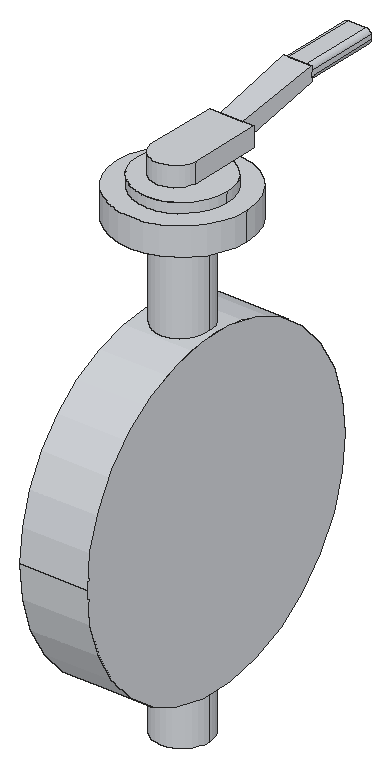
Revit family "HS497-67_disk-litina-s pákou DN250-RFA_2019", category Pipe Accessories, Revit 2019
Family settings
  Round Connector Dimension = Use Diameter
  Part Type = Valve - Breaks Into
  Work Plane-Based = No
  Always vertical = Yes
  Cut with Voids When Loaded = No
  Shared = No
Parameters (values of type "HS 497-67_DN250_PN16_s pákou")
  magiProductId = ""
  magiProductFamilyId = "53cea81e6f374d17b8841d9c72ad77"
  magiPartTypeId = 305
  isMeasuringValve [instance] = no
  ang2D [instance] = 0.00°
  X11 = 88.77 mm
  X1 = 36.77 mm
  W2D = 1000 mm
  VersionID = "2.0/2017.9.26.1/ZETKAMA_497_001"
  Use Minimum Symbol Size [instance] = yes
  URL = "http://www.hydronix.cz"
  Type Comments = "mezipřírubová; litinový disk; PN16; -10~+110°C (krátkodobě +120°C)"
  SW30 = no
  SW3 = no
  SW21 = no
  SW20 = yes
  SW2 = yes
  SW1 = no
  R = 125 mm
  QmdConnectorList = "301;D;302;D"
  Productdata [instance] = ""
  NC = 70 mm
  Model = ""
  Manufacturer = "Hydronix"  # constant formula
  MM20 = 36.77 mm
  MC Product Code = "120 250 (litinový disk, s pákou; DN250; PN16, kvs4555)"
  M41 = 91.5 mm
  M4 = 61 mm
  LHL = 220 mm
  LHH3 = 2.45 mm
  LHH1 = 46.55 mm
  LH1 = 73.333 mm
  L4R__ve = -L4R  # -22.2 mm
  L4R = 22.2 mm
  L42__ve = -L42  # -166.5 mm
  L42 = 166.5 mm
  L41__ve = -L41  # -33.3 mm
  L41 = 33.3 mm
  L2D_Min = 3048 mm
  L2D = 216 mm
  L2 = 34 mm
  L1 = 54.4 mm
  L = 68 mm
  H = 23 mm
  G22 = 11.25 mm
  G2 = 22.5 mm
  G1 = 90 mm
  G = 130 mm
  F = 22 mm
  E44 = 62.5 mm
  E42 = 125 mm
  E4 = 250 mm
  E23 = 4.9 mm
  E22 = 19.6 mm
  E21 = 9.8 mm
  Description = "Mezipřírubová uzavírací klapka s pákou; litinový disk, DN250; PN16; kvs4555"
  DR2 = 125 mm
  DR = 324 mm
  DD1 = 31.25 mm
  DD = 25 mm
  D = 250 mm
  CAT0 = yes
  B2__ve = -B2  # -85 mm
  B2 = 85 mm
  A2 = 28.25 mm
  A1 = 129.25 mm
Types (43, lengths in mm): name | magiProductId | X11 | X1 | Type Comments | SW30 | SW3 | SW20 | SW2 | SW1 | R | NC | MM20 | MC Product Code | M41 | M4 | LHL | LHH3 | LHH1 | LH1 | L4R__ve | L4R | L42__ve | L42 | L41__ve | L41 | L2 | L1 | L | H | G | F | E44 | E42 | E4 | E23 | E22 | E21 | Description | DR2 | DR | DD1 | DD | D | B2__ve | B2 | A2 | A1
  HS 497-67_DN100_PN16_volné vřeteno | "65d1b245f4f142c78569c0602d5754" | 61.456 | 25.456 | "mezipřírubová; litinový disk; PN16; -10~+110°C (krátkodobě +120°C)" | no | no | no | no | yes | 50 | 50 | 25.456 | "123 100 (litinový disk, s volným vřetenem; DN100; PN16, kvs512)" | 66 | 44 | 220 | 2.45 | 46.55 | 73.333 | -12.8 | 12.8 | -96 | 96 | -19.2 | 19.2 | 26 | 41.6 | 52 | 30 | 90 | 11 | 31.25 | 62.5 | 125 | 4.9 | 19.6 | 9.8 | "Mezipřírubová uzavírací klapka s volným vřetenem; litinový disk, DN100; PN16; kvs512" | 50 | 147 | 15.625 | 12.5 | 100 | -56 | 56 | 16.5 | 98.5
  HS 497-67_DN100_PN16_převodové kolo | "11e91b807e674d428c8e796fcdcfe2" | 61.456 | 25.456 | "mezipřírubová; litinový disk; PN16; -10~+110°C (krátkodobě +120°C)" | yes | yes | no | no | no | 50 | 50 | 25.456 | "125 100 (litinový disk, s převodovým kolem; DN100; PN16, kvs512)" | 65.25 | 43.5 | 220 | 2.45 | 46.55 | 73.333 | -12.8 | 12.8 | -96 | 96 | -19.2 | 19.2 | 26 | 41.6 | 52 | 30 | 90 | 11 | 31.25 | 62.5 | 125 | 4.9 | 19.6 | 9.8 | "Mezipřírubová uzavírací klapka s převodovým kolem; litinový disk, DN100; PN16; kvs512" | 50 | 147 | 15.625 | 12.5 | 100 | -56 | 56 | 16.5 | 98.5
  HS 497-67_DN100_PN16_s pákou | "28172f0b3f4b47b28323ac71cf8749" | 61.456 | 25.456 | "mezipřírubová; litinový disk; PN16; -10~+110°C (krátkodobě +120°C)" | no | no | yes | yes | no | 50 | 50 | 25.456 | "120 100 (litinový disk, s pákou; DN100; PN16, kvs512)" | 66 | 44 | 260 | 3 | 57 | 86.667 | -12.8 | 12.8 | -96 | 96 | -19.2 | 19.2 | 26 | 41.6 | 52 | 30 | 90 | 11 | 31.25 | 62.5 | 125 | 6 | 24 | 12 | "Mezipřírubová uzavírací klapka s pákou; litinový disk, DN100; PN16; kvs512" | 50 | 147 | 15.625 | 12.5 | 100 | -56 | 56 | 16.5 | 98.5
  HS 497-67_DN125_PN16_volné vřeteno | "0d813d910fc14f628bb3c2efbd185c" | 61.456 | 25.456 | "mezipřírubová; litinový disk; PN16; -10~+110°C (krátkodobě +120°C)" | no | no | no | no | yes | 62.5 | 50 | 25.456 | "123 125 (litinový disk, s volným vřetenem; DN125; PN16, kvs872)" | 66 | 44 | 220 | 2.45 | 46.55 | 73.333 | -12.8 | 12.8 | -96 | 96 | -19.2 | 19.2 | 28 | 44.8 | 56 | 33 | 90 | 14 | 31.25 | 62.5 | 125 | 4.9 | 19.6 | 9.8 | "Mezipřírubová uzavírací klapka s volným vřetenem; litinový disk, DN125; PN16; kvs872" | 62.5 | 180 | 15.625 | 12.5 | 125 | -64 | 64 | 18 | 99.5
  HS 497-67_DN125_PN16_převodové kolo | "c56b7c13f372467684996fb1e0e229" | 61.456 | 25.456 | "mezipřírubová; litinový disk; PN16; -10~+110°C (krátkodobě +120°C)" | yes | yes | no | no | no | 62.5 | 50 | 25.456 | "125 125 (litinový disk, s převodovým kolem; DN125; PN16, kvs872)" | 65.25 | 43.5 | 220 | 2.45 | 46.55 | 73.333 | -13.5 | 13.5 | -101.25 | 101.25 | -20.25 | 20.25 | 28 | 44.8 | 56 | 33 | 90 | 14 | 40 | 80 | 160 | 4.9 | 19.6 | 9.8 | "Mezipřírubová uzavírací klapka s převodovým kolem; litinový disk, DN125; PN16; kvs872" | 62.5 | 180 | 20 | 16 | 125 | -64 | 64 | 18 | 99.5
  HS 497-67_DN125_PN16_s pákou | "105993c79a91492399feef7931321a" | 61.456 | 25.456 | "mezipřírubová; litinový disk; PN16; -10~+110°C (krátkodobě +120°C)" | no | no | yes | yes | no | 62.5 | 50 | 25.456 | "120 125 (litinový disk, s pákou; DN125; PN16, kvs872)" | 66 | 44 | 315 | 3.75 | 71.25 | 105 | -12.8 | 12.8 | -96 | 96 | -19.2 | 19.2 | 28 | 44.8 | 56 | 33 | 90 | 14 | 31.25 | 62.5 | 125 | 7.5 | 30 | 15 | "Mezipřírubová uzavírací klapka s pákou; litinový disk, DN125; PN16; kvs872" | 62.5 | 180 | 15.625 | 12.5 | 125 | -64 | 64 | 18 | 99.5
  HS 497-67_DN150_PN16_volné vřeteno | "50c80cb8ab434f55ab7796e5ac1331" | 61.456 | 25.456 | "mezipřírubová; litinový disk; PN16; -10~+110°C (krátkodobě +120°C)" | no | no | no | no | yes | 75 | 50 | 25.456 | "123 150 (litinový disk, s volným vřetenem; DN150; PN16, kvs1347)" | 66 | 44 | 220 | 2.45 | 46.55 | 73.333 | -12.8 | 12.8 | -96 | 96 | -19.2 | 19.2 | 28 | 44.8 | 56 | 33 | 90 | 14 | 31.25 | 62.5 | 125 | 4.9 | 19.6 | 9.8 | "Mezipřírubová uzavírací klapka s volným vřetenem; litinový disk, DN150; PN16; kvs1347" | 75 | 206 | 15.625 | 12.5 | 150 | -58 | 58 | 19.3 | 98.7
  HS 497-67_DN150_PN16_převodové kolo | "d94a1a0cf83b476eb10011b327f709" | 61.456 | 25.456 | "mezipřírubová; litinový disk; PN16; -10~+110°C (krátkodobě +120°C)" | yes | yes | no | no | no | 75 | 50 | 25.456 | "125 150 (litinový disk, s převodovým kolem; DN150; PN16, kvs1347)" | 65.25 | 43.5 | 220 | 2.45 | 46.55 | 73.333 | -13.5 | 13.5 | -101.25 | 101.25 | -20.25 | 20.25 | 28 | 44.8 | 56 | 33 | 90 | 14 | 40 | 80 | 160 | 4.9 | 19.6 | 9.8 | "Mezipřírubová uzavírací klapka s převodovým kolem; litinový disk, DN150; PN16; kvs1347" | 75 | 206 | 20 | 16 | 150 | -58 | 58 | 19.3 | 98.7
  HS 497-67_DN150_PN16_s pákou | "4d2835523fe84828bc50ff0a5a0dfb" | 61.456 | 25.456 | "mezipřírubová; litinový disk; PN16; -10~+110°C (krátkodobě +120°C)" | no | no | yes | yes | no | 75 | 50 | 25.456 | "120 150 (litinový disk, s pákou; DN150; PN16, kvs1347)" | 66 | 44 | 315 | 3.75 | 71.25 | 105 | -12.8 | 12.8 | -96 | 96 | -19.2 | 19.2 | 28 | 44.8 | 56 | 33 | 90 | 14 | 31.25 | 62.5 | 125 | 7.5 | 30 | 15 | "Mezipřírubová uzavírací klapka s pákou; litinový disk, DN150; PN16; kvs1347" | 75 | 206 | 15.625 | 12.5 | 150 | -58 | 58 | 19.3 | 98.7
  HS 497-67_DN200_PN16_volné vřeteno | "5b29029eaeba47139ee1055a4b9201" | 61.456 | 25.456 | "mezipřírubová; litinový disk; PN16; -10~+110°C (krátkodobě +120°C)" | no | no | no | no | yes | 100 | 50 | 25.456 | "123 200 (litinový disk, s volným vřetenem; DN200; PN16, kvs2675)" | 66 | 44 | 220 | 2.45 | 46.55 | 73.333 | -12.8 | 12.8 | -96 | 96 | -19.2 | 19.2 | 30 | 48 | 60 | 33 | 90 | 17 | 31.25 | 62.5 | 125 | 4.9 | 19.6 | 9.8 | "Mezipřírubová uzavírací klapka s volným vřetenem; litinový disk, DN200; PN16; kvs2675" | 100 | 257 | 15.625 | 12.5 | 200 | -70 | 70 | 22.5 | 102.5
  HS 497-67_DN200_PN16_převodové kolo | "b2793cc1fcc44cf2a35062cd67c04f" | 61.456 | 25.456 | "mezipřírubová; litinový disk; PN16; -10~+110°C (krátkodobě +120°C)" | yes | yes | no | no | no | 100 | 57 | 25.456 | "125 200 (litinový disk, s převodovým kolem; DN200; PN16, kvs2675)" | 78.75 | 52.5 | 220 | 2.45 | 46.55 | 73.333 | -15.2 | 15.2 | -114 | 114 | -22.8 | 22.8 | 30 | 48 | 60 | 33 | 90 | 17 | 50 | 100 | 200 | 4.9 | 19.6 | 9.8 | "Mezipřírubová uzavírací klapka s převodovým kolem; litinový disk, DN200; PN16; kvs2675" | 100 | 257 | 25 | 20 | 200 | -70 | 70 | 22.5 | 102.5
  HS 497-67_DN200_PN16_s pákou | "f88d96c7af224537a51e72d7d8fffe" | 61.456 | 25.456 | "mezipřírubová; litinový disk; PN16; -10~+110°C (krátkodobě +120°C)" | no | no | yes | yes | no | 100 | 50 | 25.456 | "120 200 (litinový disk, s pákou; DN200; PN16, kvs2675)" | 66 | 44 | 315 | 3.75 | 71.25 | 105 | -12.8 | 12.8 | -96 | 96 | -19.2 | 19.2 | 30 | 48 | 60 | 33 | 90 | 17 | 31.25 | 62.5 | 125 | 7.5 | 30 | 15 | "Mezipřírubová uzavírací klapka s pákou; litinový disk, DN200; PN16; kvs2675" | 100 | 257 | 15.625 | 12.5 | 200 | -70 | 70 | 22.5 | 102.5
  HS 497-67_DN250_PN16_volné vřeteno | "b662e8305ca2402b9c510e66e6aa55" | 88.77 | 36.77 | "mezipřírubová; litinový disk; PN16; -10~+110°C (krátkodobě +120°C)" | no | no | no | no | yes | 125 | 50 | 36.77 | "123 250 (litinový disk, s volným vřetenem; DN250; PN16, kvs4555)" | 66 | 44 | 220 | 2.45 | 46.55 | 73.333 | -12.8 | 12.8 | -96 | 96 | -19.2 | 19.2 | 34 | 54.4 | 68 | 23 | 130 | 22 | 31.25 | 62.5 | 125 | 4.9 | 19.6 | 9.8 | "Mezipřírubová uzavírací klapka s volným vřetenem; litinový disk, DN250; PN16; kvs4555" | 125 | 324 | 15.625 | 12.5 | 250 | -85 | 85 | 28.25 | 129.25
  HS 497-67_DN250_PN16_převodové kolo | "5ee9016806664ddfaa2632711f295c" | 88.77 | 36.77 | "mezipřírubová; litinový disk; PN16; -10~+110°C (krátkodobě +120°C)" | yes | yes | no | no | no | 125 | 70 | 36.77 | "125 250 (litinový disk, s převodovým kolem; DN250; PN16, kvs4555)" | 91.5 | 61 | 220 | 2.45 | 46.55 | 73.333 | -22.2 | 22.2 | -166.5 | 166.5 | -33.3 | 33.3 | 34 | 54.4 | 68 | 23 | 130 | 22 | 62.5 | 125 | 250 | 4.9 | 19.6 | 9.8 | "Mezipřírubová uzavírací klapka s převodovým kolem; litinový disk, DN250; PN16; kvs4555" | 125 | 324 | 31.25 | 25 | 250 | -85 | 85 | 28.25 | 129.25
  HS 497-67_DN300_PN16_volné vřeteno | "e1886f51ff004380a649519258edf2" | 88.77 | 36.77 | "mezipřírubová; litinový disk; PN16; -10~+110°C (krátkodobě +120°C)" | no | no | no | no | yes | 150 | 50 | 36.77 | "123 300 (litinový disk, s volným vřetenem; DN300; PN16, kvs7037)" | 66 | 44 | 220 | 2.45 | 46.55 | 73.333 | -12.8 | 12.8 | -96 | 96 | -19.2 | 19.2 | 39 | 62.4 | 78 | 23 | 130 | 22 | 31.25 | 62.5 | 125 | 4.9 | 19.6 | 9.8 | "Mezipřírubová uzavírací klapka s volným vřetenem; litinový disk, DN300; PN16; kvs7037" | 150 | 376 | 15.625 | 12.5 | 300 | -90 | 90 | 30.8 | 127.2
  HS 497-67_DN300_PN16_převodové kolo | "6860f094f77d42088fbebc3c97f755" | 88.77 | 36.77 | "mezipřírubová; litinový disk; PN16; -10~+110°C (krátkodobě +120°C)" | yes | yes | no | no | no | 150 | 70 | 36.77 | "125 300 (litinový disk, s převodovým kolem; DN300; PN16, kvs7037)" | 91.5 | 61 | 220 | 2.45 | 46.55 | 73.333 | -22.2 | 22.2 | -166.5 | 166.5 | -33.3 | 33.3 | 39 | 62.4 | 78 | 23 | 130 | 22 | 62.5 | 125 | 250 | 4.9 | 19.6 | 9.8 | "Mezipřírubová uzavírací klapka s převodovým kolem; litinový disk, DN300; PN16; kvs7037" | 150 | 376 | 31.25 | 25 | 300 | -90 | 90 | 30.8 | 127.2
  HS 497-67_DN032_PN16_volné vřeteno | "8c5f65de52aa4067a77564107e31b2" | 61.456 | 25.456 | "mezipřírubová; litinový disk; PN16; -10~+110°C (krátkodobě +120°C)" | no | no | no | no | yes | 16 | 50 | 25.456 | "123 032 (litinový disk, s volným vřetenem; DN32; PN16, kvs78)" | 66 | 44 | 220 | 2.45 | 46.55 | 73.333 | -12.8 | 12.8 | -96 | 96 | -19.2 | 19.2 | 16.5 | 26.4 | 33 | 30 | 90 | 11 | 31.25 | 62.5 | 125 | 4.9 | 19.6 | 9.8 | "Mezipřírubová uzavírací klapka s volným vřetenem; litinový disk, DN32; PN16; kvs78" | 16 | 68 | 15.625 | 12.5 | 32 | -44.2 | 44.2 | 10.25 | 76.25
  HS 497-67_DN032_PN16_převodové kolo | "60aaeffa8b3a4e809ef000e4660060" | 61.456 | 25.456 | "mezipřírubová; litinový disk; PN16; -10~+110°C (krátkodobě +120°C)" | yes | yes | no | no | no | 16 | 50 | 25.456 | "125 032 (litinový disk, s převodovým kolem; DN32; PN16, kvs78)" | 65.25 | 43.5 | 220 | 2.45 | 46.55 | 73.333 | -12.8 | 12.8 | -96 | 96 | -19.2 | 19.2 | 16.5 | 26.4 | 33 | 30 | 90 | 11 | 31.25 | 62.5 | 125 | 4.9 | 19.6 | 9.8 | "Mezipřírubová uzavírací klapka s převodovým kolem; litinový disk, DN32; PN16; kvs78" | 16 | 68 | 15.625 | 12.5 | 32 | -44.2 | 44.2 | 10.25 | 76.25
  HS 497-67_DN032_PN16_s pákou | "9ad8088d610749a1b871aa2aad8007" | 61.456 | 25.456 | "mezipřírubová; litinový disk; PN16; -10~+110°C (krátkodobě +120°C)" | no | no | yes | yes | no | 16 | 50 | 25.456 | "120 032 (litinový disk, s pákou; DN32; PN16, kvs78)" | 66 | 44 | 220 | 2.45 | 46.55 | 73.333 | -12.8 | 12.8 | -96 | 96 | -19.2 | 19.2 | 16.5 | 26.4 | 33 | 30 | 90 | 11 | 31.25 | 62.5 | 125 | 4.9 | 19.6 | 9.8 | "Mezipřírubová uzavírací klapka s pákou; litinový disk, DN32; PN16; kvs78" | 16 | 68 | 15.625 | 12.5 | 32 | -44.2 | 44.2 | 10.25 | 76.25
  HS 497-67_DN350_PN10_volné vřeteno | "72a1e05f22944421b7e9596a877137" | 109.255 | 45.255 | "mezipřírubová; litinový disk; PN10; -10~+110°C (krátkodobě +120°C)" | no | no | no | no | yes | 175 | 50 | 45.255 | "123 350 (litinový disk, s volným vřetenem; DN350; PN10, kvs10165)" | 66 | 44 | 220 | 2.45 | 46.55 | 73.333 | -12.8 | 12.8 | -96 | 96 | -19.2 | 19.2 | 39 | 62.4 | 78 | 31 | 160 | 22 | 31.25 | 62.5 | 125 | 4.9 | 19.6 | 9.8 | "Mezipřírubová uzavírací klapka s volným vřetenem; litinový disk, DN350; PN10; kvs10165" | 175 | 430 | 15.625 | 12.5 | 350 | -88 | 88 | 33.85 | 129.65
  HS 497-67_DN350_PN10_převodové kolo | "a5a01426cb28494ba3afca92f1dace" | 109.255 | 45.255 | "mezipřírubová; litinový disk; PN10; -10~+110°C (krátkodobě +120°C)" | yes | yes | no | no | no | 175 | 70 | 45.255 | "125 350 (litinový disk, s převodovým kolem; DN350; PN10, kvs10165)" | 91.5 | 61 | 220 | 2.45 | 46.55 | 73.333 | -22.2 | 22.2 | -166.5 | 166.5 | -33.3 | 33.3 | 39 | 62.4 | 78 | 31 | 160 | 22 | 62.5 | 125 | 250 | 4.9 | 19.6 | 9.8 | "Mezipřírubová uzavírací klapka s převodovým kolem; litinový disk, DN350; PN10; kvs10165" | 175 | 430 | 31.25 | 25 | 350 | -88 | 88 | 33.85 | 129.65
  HS 497-67_DN400_PN10_volné vřeteno | "c70ebeb927c04ab99b176e257ad0a7" | 109.255 | 45.255 | "mezipřírubová; litinový disk; PN10; -10~+110°C (krátkodobě +120°C)" | no | no | no | no | yes | 200 | 50 | 45.255 | "123 400 (litinový disk, s volným vřetenem; DN400; PN10, kvs13799)" | 66 | 44 | 220 | 2.45 | 46.55 | 73.333 | -12.8 | 12.8 | -96 | 96 | -19.2 | 19.2 | 51 | 81.6 | 102 | 31 | 160 | 27 | 31.25 | 62.5 | 125 | 4.9 | 19.6 | 9.8 | "Mezipřírubová uzavírací klapka s volným vřetenem; litinový disk, DN400; PN10; kvs13799" | 200 | 485 | 15.625 | 12.5 | 400 | -108 | 108 | 38 | 142
  HS 497-67_DN400_PN10_převodové kolo | "cc64a4384dcb41b780d81810f4f293" | 109.255 | 45.255 | "mezipřírubová; litinový disk; PN10; -10~+110°C (krátkodobě +120°C)" | yes | yes | no | no | no | 200 | 72.5 | 45.255 | "125 400 (litinový disk, s převodovým kolem; DN400; PN10, kvs13799)" | 103.5 | 69 | 220 | 2.45 | 46.55 | 73.333 | -27.8 | 27.8 | -208.5 | 208.5 | -41.7 | 41.7 | 51 | 81.6 | 102 | 31 | 160 | 27 | 75 | 150 | 300 | 4.9 | 19.6 | 9.8 | "Mezipřírubová uzavírací klapka s převodovým kolem; litinový disk, DN400; PN10; kvs13799" | 200 | 485 | 37.5 | 30 | 400 | -108 | 108 | 38 | 142
  HS 497-67_DN040_PN16_volné vřeteno | "35f92312390745e88df5b5c325d9ee" | 61.456 | 25.456 | "mezipřírubová; litinový disk; PN16; -10~+110°C (krátkodobě +120°C)" | no | no | no | no | yes | 20 | 50 | 25.456 | "123 040 (litinový disk, s volným vřetenem; DN40; PN16, kvs78)" | 66 | 44 | 220 | 2.45 | 46.55 | 73.333 | -12.8 | 12.8 | -96 | 96 | -19.2 | 19.2 | 16.5 | 26.4 | 33 | 30 | 90 | 11 | 31.25 | 62.5 | 125 | 4.9 | 19.6 | 9.8 | "Mezipřírubová uzavírací klapka s volným vřetenem; litinový disk, DN40; PN16; kvs78" | 20 | 76 | 15.625 | 12.5 | 40 | -36 | 36 | 11 | 79
  HS 497-67_DN040_PN16_převodové kolo | "d88e968eae3445bc9b7b4e6ff35127" | 61.456 | 25.456 | "mezipřírubová; litinový disk; PN16; -10~+110°C (krátkodobě +120°C)" | yes | yes | no | no | no | 20 | 50 | 25.456 | "125 040 (litinový disk, s převodovým kolem; DN40; PN16, kvs78)" | 65.25 | 43.5 | 220 | 2.45 | 46.55 | 73.333 | -12.8 | 12.8 | -96 | 96 | -19.2 | 19.2 | 16.5 | 26.4 | 33 | 30 | 90 | 11 | 31.25 | 62.5 | 125 | 4.9 | 19.6 | 9.8 | "Mezipřírubová uzavírací klapka s převodovým kolem; litinový disk, DN40; PN16; kvs78" | 20 | 76 | 15.625 | 12.5 | 40 | -36 | 36 | 11 | 79
  HS 497-67_DN040_PN16_s pákou | "c1b522ca65b4407a98818f232eaacb" | 61.456 | 25.456 | "mezipřírubová; litinový disk; PN16; -10~+110°C (krátkodobě +120°C)" | no | no | yes | yes | no | 20 | 50 | 25.456 | "120 040 (litinový disk, s pákou; DN40; PN16, kvs78)" | 66 | 44 | 220 | 2.45 | 46.55 | 73.333 | -12.8 | 12.8 | -96 | 96 | -19.2 | 19.2 | 16.5 | 26.4 | 33 | 30 | 90 | 11 | 31.25 | 62.5 | 125 | 4.9 | 19.6 | 9.8 | "Mezipřírubová uzavírací klapka s pákou; litinový disk, DN40; PN16; kvs78" | 20 | 76 | 15.625 | 12.5 | 40 | -36 | 36 | 11 | 79
  HS 497-67_DN450_PN10_volné vřeteno | "a8358bc282f14872b3194e530e590a" | 129.74 | 53.74 | "mezipřírubová; litinový disk; PN10; -10~+110°C (krátkodobě +120°C)" | no | no | no | no | yes | 225 | 50 | 53.74 | "123 450 (litinový disk, s volným vřetenem; DN450; PN10, kvs18514)" | 66 | 44 | 220 | 2.45 | 46.55 | 73.333 | -12.8 | 12.8 | -96 | 96 | -19.2 | 19.2 | 57 | 91.2 | 114 | 38 | 190 | 36 | 31.25 | 62.5 | 125 | 4.9 | 19.6 | 9.8 | "Mezipřírubová uzavírací klapka s volným vřetenem; litinový disk, DN450; PN10; kvs18514" | 225 | 536 | 15.625 | 12.5 | 450 | -115 | 115 | 38.05 | 117.45
  HS 497-67_DN450_PN10_převodové kolo | "cdf2d80f54a9414f9cbe50647c0ebd" | 129.74 | 53.74 | "mezipřírubová; litinový disk; PN10; -10~+110°C (krátkodobě +120°C)" | yes | yes | no | no | no | 225 | 91.5 | 53.74 | "125 450 (litinový disk, s převodovým kolem; DN450; PN10, kvs18514)" | 144.75 | 96.5 | 220 | 2.45 | 46.55 | 73.333 | -32.1 | 32.1 | -240.75 | 240.75 | -48.15 | 48.15 | 57 | 91.2 | 114 | 38 | 190 | 36 | 100 | 200 | 400 | 4.9 | 19.6 | 9.8 | "Mezipřírubová uzavírací klapka s převodovým kolem; litinový disk, DN450; PN10; kvs18514" | 225 | 536 | 50 | 40 | 450 | -115 | 115 | 38.05 | 117.45
  HS 497-67_DN500_PN10_volné vřeteno | "8c396e27bb2743f98f3c762b6517cd" | 143.397 | 59.397 | "mezipřírubová; litinový disk; PN10; -10~+110°C (krátkodobě +120°C)" | no | no | no | no | yes | 250 | 50 | 59.397 | "123 500 (litinový disk, s volným vřetenem; DN500; PN10, kvs23805)" | 66 | 44 | 220 | 2.45 | 46.55 | 73.333 | -12.8 | 12.8 | -96 | 96 | -19.2 | 19.2 | 63.5 | 101.6 | 127 | 38 | 210 | 36 | 31.25 | 62.5 | 125 | 4.9 | 19.6 | 9.8 | "Mezipřírubová uzavírací klapka s volným vřetenem; litinový disk, DN500; PN10; kvs23805" | 250 | 593 | 15.625 | 12.5 | 500 | -130 | 130 | 43.25 | 139.25
  HS 497-67_DN500_PN10_převodové kolo | "7647804f32e94cef828a7034a91a46" | 143.397 | 59.397 | "mezipřírubová; litinový disk; PN10; -10~+110°C (krátkodobě +120°C)" | yes | yes | no | no | no | 250 | 91.5 | 59.397 | "125 500 (litinový disk, s převodovým kolem; DN500; PN10, kvs23805)" | 144.75 | 96.5 | 220 | 2.45 | 46.55 | 73.333 | -32.1 | 32.1 | -240.75 | 240.75 | -48.15 | 48.15 | 63.5 | 101.6 | 127 | 38 | 210 | 36 | 100 | 200 | 400 | 4.9 | 19.6 | 9.8 | "Mezipřírubová uzavírací klapka s převodovým kolem; litinový disk, DN500; PN10; kvs23805" | 250 | 593 | 50 | 40 | 500 | -130 | 130 | 43.25 | 139.25
  HS 497-67_DN050_PN16_volné vřeteno | "d71f296ecd6d4adf8f6e5d9853b4e0" | 61.456 | 25.456 | "mezipřírubová; litinový disk; PN16; -10~+110°C (krátkodobě +120°C)" | no | no | no | no | yes | 25 | 50 | 25.456 | "123 050 (litinový disk, s volným vřetenem; DN50; PN16, kvs98)" | 66 | 44 | 220 | 2.45 | 46.55 | 73.333 | -12.8 | 12.8 | -96 | 96 | -19.2 | 19.2 | 21.5 | 34.4 | 43 | 30 | 90 | 11 | 31.25 | 62.5 | 125 | 4.9 | 19.6 | 9.8 | "Mezipřírubová uzavírací klapka s volným vřetenem; litinový disk, DN50; PN16; kvs98" | 25 | 100 | 15.625 | 12.5 | 50 | -36.5 | 36.5 | 12 | 83
  HS 497-67_DN050_PN16_převodové kolo | "2fb080deeaed49c58418b94c1da5a4" | 61.456 | 25.456 | "mezipřírubová; litinový disk; PN16; -10~+110°C (krátkodobě +120°C)" | yes | yes | no | no | no | 25 | 50 | 25.456 | "125 050 (litinový disk, s převodovým kolem; DN50; PN16, kvs98)" | 65.25 | 43.5 | 220 | 2.45 | 46.55 | 73.333 | -12.8 | 12.8 | -96 | 96 | -19.2 | 19.2 | 21.5 | 34.4 | 43 | 30 | 90 | 11 | 31.25 | 62.5 | 125 | 4.9 | 19.6 | 9.8 | "Mezipřírubová uzavírací klapka s převodovým kolem; litinový disk, DN50; PN16; kvs98" | 25 | 100 | 15.625 | 12.5 | 50 | -36.5 | 36.5 | 12 | 83
  HS 497-67_DN050_PN16_s pákou | "dabc632061f94877a994b9b4e68112" | 61.456 | 25.456 | "mezipřírubová; litinový disk; PN16; -10~+110°C (krátkodobě +120°C)" | no | no | yes | yes | no | 25 | 50 | 25.456 | "120 050 (litinový disk, s pákou; DN50; PN16, kvs98)" | 66 | 44 | 220 | 2.45 | 46.55 | 73.333 | -12.8 | 12.8 | -96 | 96 | -19.2 | 19.2 | 21.5 | 34.4 | 43 | 30 | 90 | 11 | 31.25 | 62.5 | 125 | 4.9 | 19.6 | 9.8 | "Mezipřírubová uzavírací klapka s pákou; litinový disk, DN50; PN16; kvs98" | 25 | 100 | 15.625 | 12.5 | 50 | -36.5 | 36.5 | 12 | 83
  HS 497-67_DN600_PN10_volné vřeteno | "99d5892c14664fce81a7c5903f7711" | 143.397 | 59.397 | "mezipřírubová; litinový disk; PN10; -10~+110°C (krátkodobě +120°C)" | no | no | no | no | yes | 300 | 50 | 59.397 | "123 600 (litinový disk, s volným vřetenem; DN600; PN10, kvs36778)" | 66 | 44 | 220 | 2.45 | 46.55 | 73.333 | -12.8 | 12.8 | -96 | 96 | -19.2 | 19.2 | 77 | 123.2 | 154 | 80 | 210 | 60 | 31.25 | 62.5 | 125 | 4.9 | 19.6 | 9.8 | "Mezipřírubová uzavírací klapka s volným vřetenem; litinový disk, DN600; PN10; kvs36788" | 300 | 690 | 15.625 | 12.5 | 600 | -140 | 140 | 49.4 | 144.6
  HS 497-67_DN600_PN10_převodové kolo | "b1e26faab48a4c499f6bb11e7e3002" | 143.397 | 59.397 | "mezipřírubová; litinový disk; PN10; -10~+110°C (krátkodobě +120°C)" | yes | yes | no | no | no | 300 | 140 | 59.397 | "125 600 (litinový disk, s převodovým kolem; DN600; PN10, kvs36778)" | 206.25 | 137.5 | 220 | 2.45 | 46.55 | 73.333 | -40.8 | 40.8 | -306 | 306 | -61.2 | 61.2 | 77 | 123.2 | 154 | 80 | 210 | 60 | 125 | 250 | 500 | 4.9 | 19.6 | 9.8 | "Mezipřírubová uzavírací klapka s převodovým kolem; litinový disk, DN600; PN10; kvs36788" | 300 | 690 | 62.5 | 50 | 600 | -140 | 140 | 49.4 | 144.6
  HS 497-67_DN065_PN16_volné vřeteno | "5e5e208646e34ec29f889baab5d08e" | 61.456 | 25.456 | "mezipřírubová; litinový disk; PN16; -10~+110°C (krátkodobě +120°C)" | no | no | no | no | yes | 32.5 | 50 | 25.456 | "123 065 (litinový disk, s volným vřetenem; DN65; PN16, kvs167)" | 66 | 44 | 220 | 2.45 | 46.55 | 73.333 | -12.8 | 12.8 | -96 | 96 | -19.2 | 19.2 | 23 | 36.8 | 46 | 30 | 90 | 11 | 31.25 | 62.5 | 125 | 4.9 | 19.6 | 9.8 | "Mezipřírubová uzavírací klapka s volným vřetenem; litinový disk, DN65; PN16; kv167" | 32.5 | 108 | 15.625 | 12.5 | 65 | -36.5 | 36.5 | 13.5 | 89
  HS 497-67_DN065_PN16_převodové kolo | "654d74c8d15540b0bfe523d988ccb3" | 61.456 | 25.456 | "mezipřírubová; litinový disk; PN16; -10~+110°C (krátkodobě +120°C)" | yes | yes | no | no | no | 32.5 | 50 | 25.456 | "125 065 (litinový disk, s převodovým kolem; DN65; PN16, kvs167)" | 65.25 | 43.5 | 220 | 2.45 | 46.55 | 73.333 | -12.8 | 12.8 | -96 | 96 | -19.2 | 19.2 | 23 | 36.8 | 46 | 30 | 90 | 11 | 31.25 | 62.5 | 125 | 4.9 | 19.6 | 9.8 | "Mezipřírubová uzavírací klapka s převodovým kolem; litinový disk, DN65; PN16; kvs167" | 32.5 | 108 | 15.625 | 12.5 | 65 | -36.5 | 36.5 | 13.5 | 89
  HS 497-67_DN065_PN16_s pákou | "ebeb4b59db0641caaf6d6635ab37b9" | 61.456 | 25.456 | "mezipřírubová; litinový disk; PN16; -10~+110°C (krátkodobě +120°C)" | no | no | yes | yes | no | 32.5 | 50 | 25.456 | "120 065 (litinový disk, s pákou; DN65; PN16, kvs167)" | 66 | 44 | 220 | 2.45 | 46.55 | 73.333 | -12.8 | 12.8 | -96 | 96 | -19.2 | 19.2 | 23 | 36.8 | 46 | 30 | 90 | 11 | 31.25 | 62.5 | 125 | 4.9 | 19.6 | 9.8 | "Mezipřírubová uzavírací klapka s pákou; litinový disk, DN65; PN16; kvs167" | 32.5 | 108 | 15.625 | 12.5 | 65 | -36.5 | 36.5 | 13.5 | 89
  HS 497-67_DN080_PN16_volné vřeteno | "9e85c75c18654e1185a9c48ed6b00e" | 61.456 | 25.456 | "mezipřírubová; litinový disk; PN16; -10~+110°C (krátkodobě +120°C)" | no | no | no | no | yes | 40 | 50 | 25.456 | "123 080 (litinový disk, s volným vřetenem; DN80; PN16, kvs258)" | 66 | 44 | 220 | 2.45 | 46.55 | 73.333 | -12.8 | 12.8 | -96 | 96 | -19.2 | 19.2 | 23 | 36.8 | 46 | 30 | 90 | 11 | 31.25 | 62.5 | 125 | 4.9 | 19.6 | 9.8 | "Mezipřírubová uzavírací klapka s volným vřetenem; litinový disk, DN80; PN16; kvs258" | 40 | 124 | 15.625 | 12.5 | 80 | -54 | 54 | 14.1 | 86.9
  HS 497-67_DN080_PN16_převodové kolo | "5b3c8238c3d041e68c75b199e7ea46" | 61.456 | 25.456 | "mezipřírubová; litinový disk; PN16; -10~+110°C (krátkodobě +120°C)" | yes | yes | no | no | no | 40 | 50 | 25.456 | "125 080 (litinový disk, s převodovým kolem; DN80; PN16, kvs258)" | 65.25 | 43.5 | 220 | 2.45 | 46.55 | 73.333 | -12.8 | 12.8 | -96 | 96 | -19.2 | 19.2 | 23 | 36.8 | 46 | 30 | 90 | 11 | 31.25 | 62.5 | 125 | 4.9 | 19.6 | 9.8 | "Mezipřírubová uzavírací klapka s převodovým kolem; litinový disk, DN80; PN16; kvs258" | 40 | 124 | 15.625 | 12.5 | 80 | -54 | 54 | 14.1 | 86.9
  HS 497-67_DN080_PN16_s pákou | "e414795fab0f4eccb99bc3572c5477" | 61.456 | 25.456 | "mezipřírubová; litinový disk; PN16; -10~+110°C (krátkodobě +120°C)" | no | no | yes | yes | no | 40 | 50 | 25.456 | "120 080 (litinový disk, s pákou; DN80; PN16, kvs258)" | 66 | 44 | 260 | 3 | 57 | 86.667 | -12.8 | 12.8 | -96 | 96 | -19.2 | 19.2 | 23 | 36.8 | 46 | 30 | 90 | 11 | 31.25 | 62.5 | 125 | 6 | 24 | 12 | "Mezipřírubová uzavírací klapka s pákou; litinový disk, DN80; PN16; kvs258" | 40 | 124 | 15.625 | 12.5 | 80 | -54 | 54 | 14.1 | 86.9
  HS 497-67_DN250_PN16_s pákou | "" | 88.77 | 36.77 | "mezipřírubová; litinový disk; PN16; -10~+110°C (krátkodobě +120°C)" | no | no | yes | yes | no | 125 | 70 | 36.77 | "120 250 (litinový disk, s pákou; DN250; PN16, kvs4555)" | 91.5 | 61 | 220 | 2.45 | 46.55 | 73.333 | -22.2 | 22.2 | -166.5 | 166.5 | -33.3 | 33.3 | 34 | 54.4 | 68 | 23 | 130 | 22 | 62.5 | 125 | 250 | 4.9 | 19.6 | 9.8 | "Mezipřírubová uzavírací klapka s pákou; litinový disk, DN250; PN16; kvs4555" | 125 | 324 | 31.25 | 25 | 250 | -85 | 85 | 28.25 | 129.25
  HS 497-67_DN300_PN16_s pákou | "" | 88.77 | 36.77 | "mezipřírubová; litinový disk; PN16; -10~+110°C (krátkodobě +120°C)" | no | no | yes | yes | no | 150 | 70 | 36.77 | "120 300 (litinový disk, s pákou; DN300; PN16, kvs7037)" | 91.5 | 61 | 220 | 2.45 | 46.55 | 73.333 | -22.2 | 22.2 | -166.5 | 166.5 | -33.3 | 33.3 | 39 | 62.4 | 78 | 23 | 130 | 22 | 62.5 | 125 | 250 | 4.9 | 19.6 | 9.8 | "Mezipřírubová uzavírací klapka s pákou; litinový disk, DN300; PN16; kvs7037" | 150 | 376 | 31.25 | 25 | 300 | -90 | 90 | 30.8 | 127.2
Reference planes
  plane 1 "Center (Front/Back)": y = 0
  plane 2 "XYPLANE": z = 0
  plane 3 "Center (Left/Right)": x = 0
  plane 4 "473": x = -36.77
  plane 5 "472": x = -91.5
  plane 6 "471": y = -36.77
  plane 7 "470": y = 36.77
  plane 8 "469": x = -61
  plane 9 "468": y = -199.8
  plane 10 "467": y = -166.5
  plane 11 "466": z = 345
  plane 12 "465": z = 329.05
  plane 13 "464": y = 145.417
  plane 14 "463": z = 319.25
  plane 15 "462": z = 302.1
  plane 16 "461": z = 311.9
  plane 17 "460": y = 72.083
  plane 18 "459": x = -11.25
  plane 19 "458": x = 11.25
  plane 20 "457": y = -6.25
  plane 21 "456": x = -17.5
  plane 22 "455": x = 17.5
  plane 23 "454": z = 316.8
  plane 24 "453": y = 62.083
  plane 25 "452": y = -11.25
  plane 26 "451": x = -22.5
  plane 27 "450": x = 22.5
  plane 28 "449": z = 297.2
  plane 29 "448": z = 292.3
  plane 30 "447": z = -125
  plane 31 "446": z = 282.5
  plane 32 "445": z = 254.25
  plane 33 "444": z = 125
  plane 34 "443": x = 34
  plane 35 "442": x = -34
  plane 36 "441": z = 0
  plane 37 "440": y = 0
  plane 38 "439": x = 0
  plane 39 "438": z = 331.5
  plane 40 "437": z = 316.8
  plane 41 "436": x = 13.7
  plane 42 "435": x = -13.7
  plane 43 "434": y = 220
Forms (mm)
  Extrusion 1, solid, visible <- "SW3"
    sketch origin (-750, 0, 282.5) x (1, 0, 0) y (0, 1, 0)
      loop
        line (658.5, 36.77) -> (658.5, -36.77) -> (713.23, -36.77)
        arc (713.23, -36.77) -> (802, 0) -> (713.23, 36.77) r 52
        line (713.23, 36.77) -> (658.5, 36.77)
    from 0 to 125 <- "E42"
  Extrusion 2, solid, visible <- "SW30"
    sketch origin (0, -750, 0) x (0, 1, 0) y (0, 0, 1)
      loop
        circle (750, 345) r 15.625
    from 0 to 70 <- "NC"
  Extrusion 3, solid, visible <- "SW30"
    sketch origin (750, -199.8, 0) x (-1, 0, 0) y (0, 0, 1)
      loop
        circle (811, 345) r 125
    from 0 to -22.2 <- "L4R__ve"
  Extrusion 4, solid, visible <- "SW3"
    sketch origin (750, -166.5, 0) x (-1, 0, 0) y (0, 0, 1)
      loop
        circle (811, 345) r 15.625
    from 0 to -33.3 <- "L41__ve"
  Extrusion 5, solid, visible <- "SW30"
    sketch origin (750, 0, 0) x (-1, 0, 0) y (0, 0, 1)
      loop
        circle (811, 345) r 12.5
    from 0 to -166.5 <- "L42__ve"
  Blend 6, solid, visible <- "SW21"
    base sketch origin (750, 72.083, 0) x (-1, 0, 0) y (0, 0, 1)
      loop
        line (761.25, 311.9) -> (738.75, 311.9) -> (738.75, 302.1) -> (761.25, 302.1) -> (761.25, 311.9)
    top sketch origin (750, 72.083, 0) x (-1, 0, 0) y (0, 0, 1)
      loop
        line (761.25, 329.05) -> (738.75, 329.05) -> (738.75, 319.25) -> (761.25, 319.25) -> (761.25, 329.05)
    from 0 to 73.333
  Blend 7, solid, visible <- "SW21"
    base sketch origin (750, 62.083, 0) x (-1, 0, 0) y (0, 0, 1)
      loop
        line (761.25, 316.8) -> (738.75, 316.8) -> (738.75, 297.2) -> (761.25, 297.2) -> (761.25, 316.8)
    top sketch origin (750, 62.083, 0) x (-1, 0, 0) y (0, 0, 1)
      loop
        line (761.25, 311.9) -> (738.75, 311.9) -> (738.75, 302.1) -> (761.25, 302.1) -> (761.25, 311.9)
    from 0 to 10
  Blend 8, solid, visible <- "SW21"
    base sketch origin (-750, 0, 297.2) x (1, 0, 0) y (0, 1, 0)
      loop
        line (772.5, 62.083) -> (727.5, 62.083) -> (727.5, -11.25)
        arc (727.5, -11.25) -> (750, -31.25) -> (772.5, -11.25) r 22.656
        line (772.5, -11.25) -> (772.5, 62.083)
    top sketch origin (-750, 0, 297.2) x (1, 0, 0) y (0, 1, 0)
      loop
        line (767.5, 62.083) -> (732.5, 62.083) -> (732.5, -6.25)
        arc (732.5, -6.25) -> (750, -26.25) -> (767.5, -6.25) r 17.656
        line (767.5, -6.25) -> (767.5, 62.083)
    from 0 to 19.6
  Extrusion 9, solid, visible <- "SW2"
    sketch origin (-750, 0, 292.3) x (1, 0, 0) y (0, 1, 0)
      loop
        circle (750, 0) r 11.25
    from 0 to 4.9 <- "E23"
  Extrusion 10, solid, visible <- "SW2"
    sketch origin (-750, 0, 282.5) x (1, 0, 0) y (0, 1, 0)
      loop
        circle (750, 0) r 45
    from 0 to 9.8 <- "E21"
  Extrusion 11, solid, visible <- "CAT0"
    sketch origin (-750, 0, -125) x (1, 0, 0) y (0, 1, 0)
      loop
        circle (750, 0) r 27.2
    from 0 to -85 <- "B2__ve"
  Extrusion 12, solid, visible <- "CAT0"
    sketch origin (-750, 0, 254.25) x (1, 0, 0) y (0, 1, 0)
      loop
        circle (750, 0) r 65
    from 0 to 28.25 <- "A2"
  Extrusion 13, solid, visible <- "CAT0"
    sketch origin (-750, 0, 125) x (1, 0, 0) y (0, 1, 0)
      loop
        circle (750, 0) r 27.2
    from 0 to 129.25 <- "A1"
  Extrusion 14, solid, visible <- "CAT0"
    sketch origin (-34, -750, 0) x (0, 1, 0) y (0, 0, 1)
      loop
        circle (750, 0) r 162
    from 0 to 68 <- "L"
  Extrusion 15, solid, visible <- "SW1"
    sketch origin (-750, 0, 282.5) x (1, 0, 0) y (0, 1, 0)
      loop
        line (761, 11) -> (739, 11) -> (739, -11) -> (761, -11) -> (761, 11)
    from 0 to 23 <- "H"
  Blend 16, solid, visible <- "SW2"
    base sketch origin (750, 145.417, 0) x (-1, 0, 0) y (0, 0, 1)
      loop
        arc (763.7, 326.5) -> (762.236, 330.036) -> (758.7, 331.5) r 5
        line (758.7, 331.5) -> (741.3, 331.5)
        arc (741.3, 331.5) -> (737.764, 330.036) -> (736.3, 326.5) r 5
        line (736.3, 326.5) -> (736.3, 321.8)
        arc (736.3, 321.8) -> (737.764, 318.264) -> (741.3, 316.8) r 5
        line (741.3, 316.8) -> (758.7, 316.8)
        arc (758.7, 316.8) -> (762.236, 318.264) -> (763.7, 321.8) r 5
        line (763.7, 321.8) -> (763.7, 326.5)
    top sketch origin (750, 145.417, 0) x (-1, 0, 0) y (0, 0, 1)
      loop
        arc (763.7, 326.5) -> (762.236, 330.036) -> (758.7, 331.5) r 5
        line (758.7, 331.5) -> (741.3, 331.5)
        arc (741.3, 331.5) -> (737.764, 330.036) -> (736.3, 326.5) r 5
        line (736.3, 326.5) -> (736.3, 321.8)
        arc (736.3, 321.8) -> (737.764, 318.264) -> (741.3, 316.8) r 5
        line (741.3, 316.8) -> (758.7, 316.8)
        arc (758.7, 316.8) -> (762.236, 318.264) -> (763.7, 321.8) r 5
        line (763.7, 321.8) -> (763.7, 326.5)
    from 0 to 74.583
  Blend 17, solid, visible <- "SW20"
    base sketch origin (750, 145.417, 0) x (-1, 0, 0) y (0, 0, 1)
      loop
        line (763.7, 331.5) -> (736.3, 331.5) -> (736.3, 316.8) -> (763.7, 316.8) -> (763.7, 331.5)
    top sketch origin (750, 145.417, 0) x (-1, 0, 0) y (0, 0, 1)
      loop
        line (761.25, 316.8) -> (738.75, 316.8) -> (738.75, 297.2) -> (761.25, 297.2) -> (761.25, 316.8)
    from 0 to -83.333
  Extrusion 18, solid, visible <- "SW20"
    sketch origin (-750, 0, 297.2) x (1, 0, 0) y (0, 1, 0)
      loop
        line (772.5, 62.083) -> (727.5, 62.083) -> (727.5, -11.25)
        arc (727.5, -11.25) -> (750, -31.25) -> (772.5, -11.25) r 22.656
        line (772.5, -11.25) -> (772.5, 62.083)
    from 0 to 19.6 <- "E22"
  Extrusion 19, solid, not visible
    sketch origin (-34, -750, 0) x (0, 1, 0) y (0, 0, 1)
      loop
        circle (750, 0) r 10
    from 0 to 10
  Extrusion 20, solid, not visible
    sketch origin (34, -750, 0) x (0, 1, 0) y (0, 0, 1)
      loop
        circle (750, 0) r 10
    from 0 to -10
Lines and regions (mm)
  reference lines, not visible
    curve 1: circle (2, 2, 0) r 1 normal (0, 0, 1)
  reference lines
    curve 2: line (-36.77, -36.77, 282.5) -> (-36.77, 36.77, 282.5)
    curve 3: line (-17.5, -6.25, 297.2) -> (17.5, -6.25, 297.2)
    curve 4: line (-22.5, -11.25, 297.2) -> (22.5, -11.25, 297.2)
    curve 5: circle (0, 0, 282.5) r 1 normal (0, 0, 1)
    curve 6: line (-22.5, -11.25, 297.2) -> (22.5, -11.25, 297.2)
Dimensions and locks
  plane 1 "Center (Front/Back)" to curve 1 = 2 mm
  "X1": plane 3 "Center (Left/Right)" to plane 4 "473"
  "M41": plane 3 "Center (Left/Right)" to plane 5 "472"
  "MM20": plane 1 "Center (Front/Back)" to plane 6 "471"
  "MM20": plane 1 "Center (Front/Back)" to plane 7 "470"
  "M4": plane 3 "Center (Left/Right)" to plane 8 "469"
  "L41": plane 10 "467" to plane 9 "468"
  "L42": plane 1 "Center (Front/Back)" to plane 10 "467"
  "E44": plane 31 "446" to plane 11 "466"
  "LHH1": plane 31 "446" to plane 12 "465"
  "LH1": plane 17 "460" to plane 13 "464"
  "E21": plane 12 "465" to plane 14 "463"
  "E21": plane 16 "461" to plane 15 "462"
  "E23": plane 23 "454" to plane 16 "461"
  locked: plane 24 "453" to plane 17 "460" at 10
  "G22": plane 3 "Center (Left/Right)" to plane 18 "459"
  "G22": plane 3 "Center (Left/Right)" to plane 19 "458"
  locked: plane 25 "452" to plane 20 "457" at 5
  locked: plane 26 "451" to plane 21 "456" at 5
  locked: plane 27 "450" to plane 22 "455" at 5
  "E22": plane 28 "449" to plane 23 "454"
  "LH1": plane 25 "452" to plane 24 "453"
  "G22": plane 1 "Center (Front/Back)" to plane 25 "452"
  "G2": plane 3 "Center (Left/Right)" to plane 26 "451"
  "G2": plane 3 "Center (Left/Right)" to plane 27 "450"
  "E23": plane 29 "448" to plane 28 "449"
  "E21": plane 31 "446" to plane 29 "448"
  "R": plane 2 "XYPLANE" to plane 30 "447"
  "A2": plane 32 "445" to plane 31 "446"
  "A1": plane 33 "444" to plane 32 "445"
  "DR2": plane 2 "XYPLANE" to plane 33 "444"
  "L2": plane 3 "Center (Left/Right)" to plane 34 "443"
  "L2": plane 3 "Center (Left/Right)" to plane 35 "442"
  locked: plane 2 "XYPLANE" to plane 36 "441"
  locked: plane 1 "Center (Front/Back)" to plane 37 "440"
  locked: plane 3 "Center (Left/Right)" to plane 38 "439"
  "LHH3": plane 12 "465" to plane 39 "438"
  "LHH3": plane 14 "463" to plane 40 "437"
  "LHH3": plane 19 "458" to plane 41 "436"
  "LHH3": plane 18 "459" to plane 42 "435"
  "LHL": plane 1 "Center (Front/Back)" to plane 43 "434"
  "X11": curve 2 to Extrusion 1 sketch curve
  Extrusion 1 sketch curve to Extrusion 1 sketch curve = 0 mm  (x8)
  Blend 6 sketch curve to Blend 6 sketch curve = 0 mm  (x16)
  Blend 7 sketch curve to Blend 7 sketch curve = 0 mm  (x16)
  Blend 8 sketch curve to Blend 8 sketch curve = 0 mm  (x16)
  equal spacing: Extrusion 15 sketch curve, curve 5, Extrusion 15 sketch curve  (x2)
  "F": Extrusion 15 sketch curve to Extrusion 15 sketch curve  (x2)
  Blend 16 sketch curve to Blend 16 sketch curve = 0 mm  (x32)
  Blend 17 sketch curve to Blend 17 sketch curve = 0 mm  (x16)
  Extrusion 18 sketch curve to Extrusion 18 sketch curve = 0 mm  (x8)
  "DD1": diameter of Extrusion 2 sketch curve
  "E4": diameter of Extrusion 3 sketch curve
  "DD1": diameter of Extrusion 4 sketch curve
  "DD": diameter of Extrusion 5 sketch curve
  "G2": diameter of Extrusion 9 sketch curve
  "G1": diameter of Extrusion 10 sketch curve
  "L1": diameter of Extrusion 11 sketch curve
  "G": diameter of Extrusion 12 sketch curve
  "L1": diameter of Extrusion 13 sketch curve
  "DR": diameter of Extrusion 14 sketch curve
  radius of Blend 16 sketch curve = 5 mm  (x8)
  aligned and locked: level to plane 2 "XYPLANE"
  aligned and locked: Extrusion 1 sketch curve to plane 5 "472"
  aligned and locked: plane 7 "470" to Extrusion 1 sketch curve
  aligned and locked: plane 6 "471" to Extrusion 1 sketch curve
  aligned and locked: plane 5 "472" to Extrusion 1 sketch curve
  aligned and locked: plane 4 "473" to Extrusion 1 sketch curve  (x2)
  aligned and locked: plane 4 "473" to curve 2
  aligned and locked: plane 6 "471" to curve 2
  aligned and locked: plane 7 "470" to curve 2
  aligned and locked: Extrusion 1 sketch curve to plane 7 "470"
  aligned and locked: plane 11 "466" to Extrusion 2 sketch curve
  aligned and locked: plane 37 "440" to Extrusion 2 sketch curve
  aligned and locked: plane 8 "469" to Extrusion 3 sketch curve
  aligned and locked: plane 11 "466" to Extrusion 3 sketch curve
  aligned and locked: plane 8 "469" to Extrusion 4 sketch curve
  aligned and locked: plane 11 "466" to Extrusion 4 sketch curve
  aligned and locked: plane 8 "469" to Extrusion 5 sketch curve
  aligned and locked: plane 11 "466" to Extrusion 5 sketch curve
  aligned and locked: plane 12 "465" to Blend 6 sketch curve  (x2)
  aligned and locked: plane 18 "459" to Blend 6 sketch curve  (x4)
  aligned and locked: plane 19 "458" to Blend 6 sketch curve  (x4)
  aligned and locked: plane 14 "463" to Blend 6 sketch curve  (x2)
  aligned and locked: plane 16 "461" to Blend 6 sketch curve  (x2)
  aligned and locked: plane 15 "462" to Blend 6 sketch curve  (x2)
  aligned and locked: plane 13 "464" to Blend 6
  aligned and locked: plane 16 "461" to Blend 7 sketch curve  (x2)
  aligned and locked: plane 18 "459" to Blend 7 sketch curve  (x4)
  aligned and locked: plane 19 "458" to Blend 7 sketch curve  (x4)
  aligned and locked: plane 15 "462" to Blend 7 sketch curve  (x2)
  aligned and locked: plane 23 "454" to Blend 7 sketch curve  (x2)
  aligned and locked: plane 28 "449" to Blend 7 sketch curve  (x2)
  aligned and locked: plane 17 "460" to Blend 7
  aligned and locked: plane 24 "453" to Blend 8 sketch curve  (x4)
  aligned and locked: plane 22 "455" to Blend 8 sketch curve  (x2)
  aligned and locked: plane 21 "456" to Blend 8 sketch curve
  aligned and locked: plane 20 "457" to Blend 8 sketch curve  (x2)
  aligned and locked: curve 3 to plane 20 "457"
  aligned and locked: plane 21 "456" to curve 3
  aligned and locked: plane 22 "455" to curve 3
  aligned and locked: plane 27 "450" to Blend 8 sketch curve  (x2)
  aligned and locked: plane 26 "451" to Blend 8 sketch curve
  aligned and locked: plane 25 "452" to Blend 8 sketch curve  (x2)
  aligned and locked: curve 4 to plane 25 "452"
  aligned and locked: plane 26 "451" to curve 4
  aligned and locked: plane 27 "450" to curve 4
  aligned and locked: plane 23 "454" to Blend 8
  aligned and locked: plane 37 "440" to Extrusion 9 sketch curve
  aligned and locked: plane 38 "439" to Extrusion 9 sketch curve
  aligned and locked: plane 37 "440" to Extrusion 10 sketch curve
  aligned and locked: plane 38 "439" to Extrusion 10 sketch curve
  aligned and locked: plane 37 "440" to Extrusion 11 sketch curve
  aligned and locked: plane 38 "439" to Extrusion 11 sketch curve
  aligned and locked: plane 37 "440" to Extrusion 12 sketch curve
  aligned and locked: plane 38 "439" to Extrusion 12 sketch curve
  aligned and locked: plane 37 "440" to Extrusion 13 sketch curve
  aligned and locked: plane 38 "439" to Extrusion 13 sketch curve
  aligned and locked: plane 36 "441" to Extrusion 14 sketch curve
  aligned and locked: Extrusion 14 sketch curve to plane 37 "440"
  aligned and locked: plane 37 "440" to curve 5
  aligned and locked: plane 38 "439" to curve 5
  aligned and locked: plane 39 "438" to Blend 16 sketch curve  (x2)
  aligned and locked: plane 41 "436" to Blend 16 sketch curve  (x2)
  aligned and locked: Blend 16 sketch curve to plane 40 "437"  (x2)
  aligned and locked: Blend 16 sketch curve to plane 42 "435"  (x2)
  aligned and locked: plane 43 "434" to Blend 16
  aligned and locked: plane 23 "454" to Blend 17 sketch curve  (x2)
  aligned and locked: plane 18 "459" to Blend 17 sketch curve  (x2)
  aligned and locked: plane 19 "458" to Blend 17 sketch curve  (x2)
  aligned and locked: plane 28 "449" to Blend 17 sketch curve  (x2)
  aligned and locked: plane 39 "438" to Blend 17 sketch curve  (x2)
  aligned and locked: plane 42 "435" to Blend 17 sketch curve  (x2)
  aligned and locked: plane 41 "436" to Blend 17 sketch curve  (x2)
  aligned and locked: plane 40 "437" to Blend 17 sketch curve  (x2)
  aligned and locked: Blend 17 to plane 24 "453"
  aligned and locked: plane 24 "453" to Extrusion 18 sketch curve  (x2)
  aligned and locked: plane 27 "450" to Extrusion 18 sketch curve  (x2)
  aligned and locked: plane 26 "451" to Extrusion 18 sketch curve
  aligned and locked: plane 25 "452" to Extrusion 18 sketch curve  (x2)
  aligned and locked: curve 6 to plane 25 "452"
  aligned and locked: plane 26 "451" to curve 6
  aligned and locked: plane 27 "450" to curve 6
  aligned and locked: plane 36 "441" to Extrusion 19 sketch curve
  aligned and locked: Extrusion 19 sketch curve to plane 37 "440"
  aligned and locked: plane 36 "441" to Extrusion 20 sketch curve
  aligned and locked: Extrusion 20 sketch curve to plane 37 "440"
Automatic sketch dimensions
  Blend 8 sketch curve to plane 20 "457" = 2.344 mm  (x2)
  Extrusion 18 sketch curve to plane 20 "457" = 2.344 mm
  plane 25 "452" to Extrusion 19 sketch curve = 1.25 mm
  plane 25 "452" to Extrusion 20 sketch curve = 1.25 mm
  plane 3 "Center (Left/Right)" to curve 1 = 2 mm
  Extrusion 15 sketch curve to plane 3 "Center (Left/Right)" = 11 mm
  Extrusion 15 sketch curve to plane 20 "457" = 4.75 mm
  radius of curve 5 = 1 mm
  radius of curve 1 = 1 mm
Connectors
  piping at (-34, 0, 0), diameter 250, driven by "D"
    settings: on Extrusion 19, index 1, connector inside diameter 609.6 mm, connector length 0 mm, flow factor 0, pipe flow 0.0 L/s, pressure drop 0.0 Pa, fitting loss kfactor 0, connector angle 0.00°, fixture units 0, engagement length 0 mm, angle of deflection 0.00°, flow configuration 0, flow direction 0, fitting loss method 0, system type 29, joint type 0, gender type 0, connector reference index 2, connector utility 0, adjustable connector no, is connector primary yes, connector description ""
  piping at (34, 0, 0), diameter 250, driven by "D"
    settings: on Extrusion 20, index 2, connector inside diameter 609.6 mm, connector length 0 mm, flow factor 0, pipe flow 0.0 L/s, pressure drop 0.0 Pa, fitting loss kfactor 0, connector angle 0.00°, fixture units 0, engagement length 0 mm, angle of deflection 0.00°, flow configuration 0, flow direction 0, fitting loss method 0, system type 29, joint type 0, gender type 0, connector reference index 1, connector utility 0, adjustable connector no, is connector primary no, connector description ""
